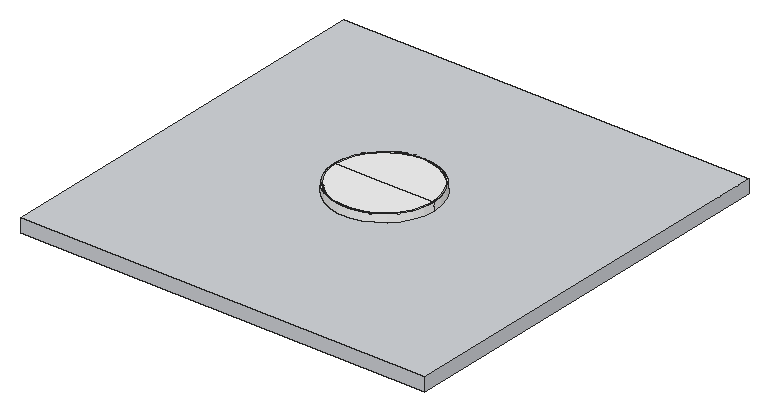
Revit family "Zumtobel LANOS", category Lighting Fixtures, host Face, Revit 2018
Family settings
  Host = Face
  Round Connector Dimension = Use Diameter
  Part Type = Normal
  OmniClass Number = 23.80.70.11
  OmniClass Title = Luminaries for Internal Lighting
  Cut with Voids When Loaded = No
  Light Source = Yes
  Shared = No
  Room Calculation Point = No
Parameters (values of type "LANOS L 4000-940 OP HL LDE WH")
  Width = Length  # 496.00 mm
  Wattage = 26.9284 W
  built-in parameter 1150110 = 1 (stored number, unit not read)
  Voltage = 230 V
  URL = "http://www.zumtobel.com/42188223"
  Type Comments = "© Zumtobel. We reserve the right to make technical changes without prior notice."  # constant formula
  built-in parameter 1114217 = 1 (stored number, unit not read)
  Top Diameter = 288.00 mm
  Tilt Angle = 90.00°
  built-in parameter 1150109 = 1 (stored number, unit not read)
  built-in parameter 1150134 = 12
  built-in parameter 1150113 = 1 (stored number, unit not read)
  Photometric Web File = "ZS_Lanos_500mm_HL_Full_4000lm.IES"
  Model = "42188223"
  Manufacturer = "Zumtobel Lighting"  # constant formula
  built-in parameter 1150105 = 1271.6 (stored number, unit not read)
  Lumens = 4000 lm
  built-in parameter 1150115 = 1 (stored number, unit not read)
  built-in parameter 1150137 = (empty or 0)
  built-in parameter 1150139 = (empty or 0)
  Length = 496.00 mm
  built-in parameter 1150112 = 1 (stored number, unit not read)
  built-in parameter 1150114 = 1 (stored number, unit not read)
  Lamp = "LED"
  built-in parameter 1150132 = 2
  built-in parameter 1150102 = (empty or 0)
  built-in parameter 1150107 = 4000 (stored number, unit not read)
  built-in parameter 1150138 = (empty or 0)
  built-in parameter 1150106 = 12.716 (stored number, unit not read)
  Height = 69.00 mm  # constant formula
  Emit from Circle Diameter = Length - 20.00 mm  # 476.00 mm
  Emit Shape Visible in Rendering = no
  built-in parameter 1150104 = 13.8 (stored number, unit not read)
  Dimming Lamp Color Temperature Shift = <None>
  Description = "Decorative wall and ceiling mount LED luminaire"  # constant formula
  Color Filter = 16777215
  Body [instance] = ZG_Metall_White
  built-in parameter 1114218 = 1 (stored number, unit not read)
  built-in parameter 1150133 = 10 (stored number, unit not read)
  Apparent Load = 30.6 VA
  Default Elevation = 0.00 mm
  Assembly Code = "D5020200"
Types (3, lengths in mm): name | Width | Wattage | URL | Top Diameter | Photometric Web File | Model | built-in parameter 1150105 | Lumens | Length | built-in parameter 1150106 | Emit from Circle Diameter | Apparent Load
  LANOS M 3500-940 OP HL LDE WH | 396.00 | 23.5624 W | "http://www.zumtobel.com/42188187" | 288.00 | "ZS_Lanos_400mm_HL_Full_3500lm.IES" | "42188187" | 1112.7 (stored number, unit not read) | 3500 lm | 396.00 | 11.127 (stored number, unit not read) | 376.00 | 24.6 VA
  LANOS L 4000-940 OP HL LDE WH | 496.00 | 26.9284 W | "http://www.zumtobel.com/42188223" | 288.00 | "ZS_Lanos_500mm_HL_Full_4000lm.IES" | "42188223" | 1271.6 (stored number, unit not read) | 4000 lm | 496.00 | 12.716 (stored number, unit not read) | 476.00 | 30.6 VA
  LANOS S 1900-940 OP DI LDE WH | 320.00 | 12.791 W | "http://www.zumtobel.com/42188119" | 248.00 | "42188119_(STD_LEO).IES" | "42188119" | 610.85 (stored number, unit not read) | 1900 lm | 320.00 | 6.1085 (stored number, unit not read) | 300.00 | 14.6 VA
Reference planes
  plane 1 "Top": z = 0
  plane 2 "Center (Left/Right)": x = 0
  plane 3 "Center (Front/Back)": y = -11.001
  plane 4 "Bottom": z = 69
  plane 5: x = -248
  plane 6: x = 248
  plane 7: x = -144
  plane 8: x = -100
  plane 9: x = 100
  plane 10: y = 88.999
  plane 11: y = -111.001
  plane 12: x = 144
Forms (mm)
  Extrusion 1, solid
    sketch origin (0, 0, 0) x (1, 0, 0) y (0, 1, 0)
      loop
        line (-1000, 988.999) -> (-1000, -1011.001) -> (1000, -1011.001) -> (1000, 988.999) -> (-1000, 988.999)
    from 0 to -66.193
  Revolve 2, solid, material "ZG_Metall_White" <- "Body"
    sketch origin (0, -11.001, 0) x (-1, 0, 0) y (0, 0, 1)
      loop
        line (0, 69) -> (0, 2.775) -> (144, 2.775) -> (144, 25.131)
        arc (144, 25.131) -> (191.125, 26.851) -> (238, 32) r 646.653
        line (238, 32) -> (238, 41.131) -> (245.678, 41.131) -> (245.999, 32) -> (248, 32) -> (246.699, 69) -> (244.698, 69) -> (245.348, 50.5) -> (238, 50.5) -> (238, 69) -> (0, 69)
      axis (0, 2.775) -> (0, 69)
    angle from 0 to 360
  Extrusion 3, solid, material "ZG_Metal_Black"
    sketch origin (0, 0, 0) x (1, 0, 0) y (0, 1, 0)
      loop
        circle (-100, -11.001) r 10
      loop
        circle (100, -11.001) r 10
      loop
        circle (0, 88.999) r 10
      loop
        circle (0, -111.001) r 10
    from 0 to 2.775
Dimensions and locks
  locked: plane 4 "Bottom" to plane 1 "Top" at 69
  equal spacing: plane 6, plane 2 "Center (Left/Right)", plane 5
  "Length": plane 6 to plane 5
  equal spacing: plane 12, plane 2 "Center (Left/Right)", plane 7
  "Top Diameter": plane 12 to plane 7
  aligned and locked: plane 1 "Top" to Extrusion 1
  aligned and locked: level to Extrusion 1
  aligned and locked: imposter light to plane 4 "Bottom"
  aligned: imposter light to plane 2 "Center (Left/Right)"
  aligned: imposter light to plane 3 "Center (Front/Back)"
  aligned and locked: plane 7 to Revolve 2 sketch curve
  aligned and locked: plane 8 to Extrusion 3 sketch curve
  aligned and locked: plane 9 to Extrusion 3 sketch curve
Automatic sketch dimensions
  Extrusion 1 sketch curve to Extrusion 1 sketch curve = 2000.00 mm  (x2)
  Revolve 2 sketch curve to plane 2 "Center (Left/Right)" = 0.00 mm  (x2)
  Revolve 2 sketch curve to plane 4 "Bottom" = 0.00 mm  (x2)
  Revolve 2 sketch curve to plane 5 = 0.00 mm
  level to Revolve 2 sketch curve = 2.775 mm
  plane 5 to Revolve 2 sketch curve = 10.00 mm  (x2)
  plane 5 to Revolve 2 sketch curve = 3.302 mm
  plane 5 to Revolve 2 sketch curve = 2.652 mm
  plane 5 to Revolve 2 sketch curve = 2.322 mm
  plane 5 to Revolve 2 sketch curve = 2.001 mm
  plane 5 to Revolve 2 sketch curve = 1.301 mm
  Revolve 2 sketch curve to Revolve 2 sketch curve = 22.356 mm
  level to Revolve 2 sketch curve = 32.00 mm
  Revolve 2 sketch curve to Revolve 2 sketch curve = 0.00 mm
  Revolve 2 sketch curve to Revolve 2 sketch curve = 9.131 mm
  Revolve 2 sketch curve to Revolve 2 sketch curve = 9.369 mm
  Revolve 2 sketch curve to Revolve 2 sketch curve = 30.00 mm
  Revolve 2 sketch curve to Revolve 2 sketch curve = 45.00 mm
  Extrusion 3 sketch curve to plane 3 "Center (Front/Back)" = 0.00 mm  (x2)
  Extrusion 3 sketch curve to plane 2 "Center (Left/Right)" = 0.00 mm  (x2)
  Extrusion 3 sketch curve to plane 3 "Center (Front/Back)" = 100.00 mm
  plane 3 "Center (Front/Back)" to Extrusion 3 sketch curve = 100.00 mm
  radius of Extrusion 3 sketch curve = 10.00 mm  (x4)
